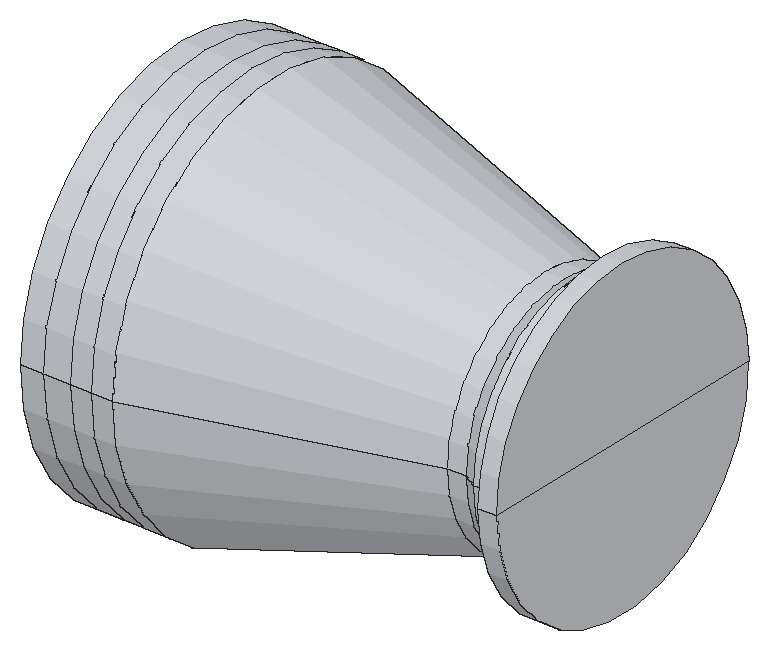
Revit family "bae14a10c338436eb6b7feba5fca812a", category Pipe Fittings, Revit 2021
Family settings
  Round Connector Dimension = Use Radius
  Part Type = Transition
  OmniClass Number = 23.60.30.11.14
  OmniClass Title = Pipework Fittings
  Work Plane-Based = No
  Always vertical = Yes
  Cut with Voids When Loaded = No
  Shared = No
Parameters (values of type "Standard")
  Visibility 2 [instance] = Nominal Diameter 2 > Nominal Diameter 1  # no
  Visibility 1 [instance] = Nominal Diameter 1 > Nominal Diameter 2  # yes
  URL = ""
  Type Comments = ""
  Tick Size 2 [instance] = if(Nominal Diameter 1 > Nominal Diameter 2, Min Tick Size 12, Max Tick Size 12)  # 7.7680"
  Tick Size 1 [instance] = if(Nominal Diameter 1 > Nominal Diameter 2, Max Tick Size 12, Min Tick Size 12)  # 12.8000"
  Min Tick Size 12 [instance] = Min Fitting Outside Diameter 12 * 0.4  # 7.7680"
  Max Tick Size 12 [instance] = Max Fitting Outside Diameter 12 * 0.4  # 12.8000"
  Socket Outside Radius 2 [instance] = Socket Outside Diameter 2 / 2  # 10.3350"
  Socket Outside Radius 1 [instance] = Socket Outside Diameter 1 / 2  # 16.0000"
  Socket Outside Diameter 2 [instance] = if(Nominal Diameter 1 > Nominal Diameter 2, Min Socket Outside Diameter 12, Fitting Outside Diameter 2)  # 20.6700"
  Socket Outside Diameter 1 [instance] = if(Nominal Diameter 1 > Nominal Diameter 2, Fitting Outside Diameter 1, Min Socket Outside Diameter 12)  # 32.0000"
  Socket Depth 2 [instance] = if(Nominal Diameter 2 < 14.0000", 2.5000", if(Nominal Diameter 2 < 30.0000", 3.5000", 4.0000"))  # 3.5000"
  Socket Depth 1 [instance] = if(Nominal Diameter 1 < 14.0000", 2.5000", if(Nominal Diameter 1 < 30.0000", 3.5000", 4.0000"))  # 4.0000"
  Min Socket Outside Diameter 12 [instance] = size_lookup(Lookup Table Name, "SOD", 1.1 * Min Nominal Diameter 12 + 0.8700", Min Nominal Diameter 12)  # 20.6700"
  Max Socket Outside Diameter 12 [instance] = size_lookup(Lookup Table Name, "SOD", 1.04 * Max Nominal Diameter 12 + 0.1300", Max Nominal Diameter 12)  # 33.5000"
  Nominal Radius 2 [instance] = 9.0000"
  Nominal Radius 1 [instance] = 15.0000"
  Nominal Diameter 2 [instance] = Nominal Radius 2 * 2  # 18.0000"
  Nominal Diameter 1 [instance] = Nominal Radius 1 * 2  # 30.0000"
  Min Nominal Diameter 12 [instance] = if(Nominal Diameter 1 > Nominal Diameter 2, Nominal Diameter 2, Nominal Diameter 1)  # 18.0000"
  Max Nominal Diameter 12 [instance] = if(Nominal Diameter 1 > Nominal Diameter 2, Nominal Diameter 1, Nominal Diameter 2)  # 30.0000"
  Manufacturer = ""
  Loss Method = K Coefficient from Table
  Lookup Table Name = "Reducer - PE x MJ - DI - Class 250"
  Length [instance] = size_lookup(Lookup Table Name, "Lgt", 2 * Max Nominal Diameter 12 + Socket Depth 1 - Socket Depth 2, Max Nominal Diameter 12, Min Nominal Diameter 12)  # 34.8700"
  K Coefficient Table = "Reducer/Coupling/Union/Increaser"
  Fitting Outside Radius 2 [instance] = Fitting Outside Diameter 2 / 2  # 9.7100"
  Fitting Outside Radius 1 [instance] = Fitting Outside Diameter 1 / 2  # 16.0000"
  Min Fitting Outside Diameter 12 [instance] = size_lookup(Lookup Table Name, "FOD", 1.04 * Min Nominal Diameter 12 + 0.7000", Min Nominal Diameter 12)  # 19.4200"
  Max Fitting Outside Diameter 12 [instance] = size_lookup(Lookup Table Name, "FOD", 1.04 * Max Nominal Diameter 12 + 0.7000", Max Nominal Diameter 12)  # 32.0000"
  built-in parameter 1114238 [instance] = (empty or 0)
  Fitting Outside Diameter 2 [instance] = if(Nominal Diameter 1 > Nominal Diameter 2, Min Fitting Outside Diameter 12, Max Fitting Outside Diameter 12)  # 19.4200"
  Fitting Outside Diameter 1 [instance] = if(Nominal Diameter 1 > Nominal Diameter 2, Max Fitting Outside Diameter 12, Min Fitting Outside Diameter 12)  # 32.0000"
  Description = ""
  Default Elevation = 0.0000"
  Bevel Length 2 [instance] = size_lookup(Lookup Table Name, "BvLgt", 0.04 * Nominal Diameter 2 + 0.4300", Nominal Diameter 2)  # 1.1500"
  Bevel Length 1 [instance] = size_lookup(Lookup Table Name, "BvLgt", 0.04 * Nominal Diameter 1 + 0.4300", Nominal Diameter 1)  # 1.5000"
  Gland Width 2 [instance] = size_lookup(Lookup Table Name, "GWid", 0.03 * Nominal Diameter 2 + 0.9400", Nominal Diameter 2)  # 1.4800"
  Gland Width 1 [instance] = size_lookup(Lookup Table Name, "GWid", 0.03 * Nominal Diameter 1 + 0.9400", Nominal Diameter 1)  # 1.8100"
  Gland Outside Radius 1 [instance] = Gland Outside Diameter 1 / 2  # 16.0000"
  Gland Outside Radius 2 [instance] = Gland Outside Diameter 2 / 2  # 12.4550"
  Max Gland Outside Diameter 12 [instance] = size_lookup(Lookup Table Name, "GOD", 1.16 * Max Nominal Diameter 12 + 4.0300", Max Nominal Diameter 12)  # 39.1200"
  Min Gland Outside Diameter 12 [instance] = size_lookup(Lookup Table Name, "GOD", 1.16 * Min Nominal Diameter 12 + 4.0300", Min Nominal Diameter 12)  # 24.9100"
  Gland Outside Diameter 2 [instance] = if(Nominal Diameter 1 > Nominal Diameter 2, Min Gland Outside Diameter 12, Fitting Outside Diameter 2)  # 24.9100"
  Gland Outside Diameter 1 [instance] = if(Nominal Diameter 1 > Nominal Diameter 2, Fitting Outside Diameter 1, Min Gland Outside Diameter 12)  # 32.0000"
  Assembly Code = ""
Reference planes (in)
  plane 1 "Center (Front/Back)": y = 0
  plane 2: z = 0
  plane 3 "Center (Left/Right)": x = 0
  plane 4 "Right": x = 34.87
  plane 5 "TK1 Top": y = 12.8
  plane 6 "TK1 Bottom": y = -12.8
  plane 7 "TK2 Top": y = 7.768
  plane 8 "TK2 Bottom": y = -7.768
  plane 9: y = 16
  plane 10: y = 16
  plane 11: x = 4
  plane 12: x = 5.5
  plane 13: y = 16
  plane 14 "SD2R": x = 31.37
  plane 15: x = 1.81
  plane 16: x = 33.39
  plane 17: x = 30.22
  plane 18: y = 9.71
  plane 19: y = 10.335
  plane 20: y = 12.455
  plane 21: x = 7.31
  plane 22: x = 28.74
Forms (in)
  Extrusion 1, solid, not visible
    sketch origin (0, 0, 0) x (0, 1, 0) y (0, 0, 1)
      loop
        circle (0, 0) r 1
    from 0 to 34.87
  Revolve 2, solid, detail levels fine
    sketch origin (0, 0, 0) x (1, 0, 0) y (0, 1, 0)
      loop
        line (1.81, 16) -> (1.81, 0) -> (33.39, 0) -> (33.39, 10.335) -> (31.37, 10.335) -> (30.22, 9.71) -> (28.74, 9.71) -> (7.31, 16) -> (5.55, 16) -> (4, 16) -> (1.81, 16)
      axis (1.81, 0) -> (33.39, 0)
    angle from 0 to 360
  Revolve 3, solid, detail levels fine
    sketch origin (0, 0, 0) x (1, 0, 0) y (0, 1, 0)
      loop
        line (0, 0) -> (1.81, 0) -> (1.81, 16) -> (0, 16) -> (0, 0)
      loop
        line (34.87, 0) -> (34.87, 12.455) -> (33.39, 12.455) -> (33.39, 0) -> (34.87, 0)
      axis (0, 0) -> (34.87, 0)
    angle from 0 to 360
Cuts and joins
  joined: Revolve 2, Revolve 3
Lines and regions (in)
  model lines, detail levels coarse+medium
    curve 1: line (0, 0, 0) -> (0, 12.8, 0)
    curve 2: line (0, -12.8, 0) -> (0, 0, 0)
    curve 3: line (34.87, 0, 0) -> (34.87, 7.768, 0)
    curve 4: line (34.87, 0, 0) -> (34.87, -7.768, 0)
  model lines, style "PipeFitting", visible <- "Visibility 1", detail levels coarse+medium
    curve 5: line (0, 12.8, 0) -> (34.87, 0, 0)
    curve 6: line (0, -12.8, 0) -> (34.87, 0, 0)
  model lines, style "PipeFitting", visible <- "Visibility 2", detail levels coarse+medium
    curve 7: line (34.87, 7.768, 0) -> (0, 0, 0)
    curve 8: line (0, 0, 0) -> (34.87, -7.768, 0)
Dimensions and locks (in)
  "Tick Size 1": plane 5 "TK1 Top" to plane 1 "Center (Front/Back)"
  "Tick Size 1": plane 6 "TK1 Bottom" to plane 1 "Center (Front/Back)"
  "Tick Size 2": plane 7 "TK2 Top" to plane 1 "Center (Front/Back)"
  "Tick Size 2": plane 8 "TK2 Bottom" to plane 1 "Center (Front/Back)"
  "Gland Outside Radius 1": plane 9 to plane 1 "Center (Front/Back)"
  "Socket Outside Radius 1": plane 1 "Center (Front/Back)" to plane 10
  "Fitting Outside Radius 1": plane 13 to plane 1 "Center (Front/Back)"
  "Length": plane 3 "Center (Left/Right)" to plane 4 "Right"
  "Socket Depth 2": plane 14 "SD2R" to plane 4 "Right"
  "Socket Depth 1": plane 3 "Center (Left/Right)" to plane 11
  "Gland Width 1": plane 3 "Center (Left/Right)" to plane 15
  "Gland Width 2": plane 16 to plane 4 "Right"
  "Bevel Length 1": plane 11 to plane 12
  "Bevel Length 2": plane 17 to plane 14 "SD2R"
  "Fitting Outside Radius 2": plane 18 to plane 1 "Center (Front/Back)"
  "Socket Outside Radius 2": plane 19 to plane 1 "Center (Front/Back)"
  "Gland Outside Radius 2": plane 20 to plane 1 "Center (Front/Back)"
  "Gland Width 1": plane 12 to plane 21
  "Gland Width 2": plane 22 to plane 17
  radius of Extrusion 1 sketch curve = 1.0000"
  aligned and locked: plane 2 to level
  aligned and locked: plane 2 to Extrusion 1 sketch curve
  aligned and locked: plane 1 "Center (Front/Back)" to Extrusion 1 sketch curve
  aligned and locked: Extrusion 1 to plane 3 "Center (Left/Right)"
  aligned and locked: plane 4 "Right" to Extrusion 1
  aligned and locked: plane 1 "Center (Front/Back)" to curve 2
  aligned and locked: plane 3 "Center (Left/Right)" to curve 1
  aligned and locked: plane 3 "Center (Left/Right)" to curve 2
  aligned and locked: plane 5 "TK1 Top" to curve 1
  aligned and locked: plane 6 "TK1 Bottom" to curve 2
  aligned and locked: curve 3 to plane 7 "TK2 Top"
  aligned and locked: curve 4 to plane 4 "Right"
  aligned and locked: plane 1 "Center (Front/Back)" to Revolve 2 sketch curve
  aligned and locked: Revolve 2 sketch curve to plane 10
  aligned and locked: plane 11 to Revolve 2 sketch curve
  aligned and locked: plane 14 "SD2R" to Revolve 2 sketch curve
  aligned and locked: Revolve 2 sketch curve to plane 19
  aligned and locked: Revolve 2 sketch curve to Revolve 2 sketch curve
  aligned and locked: plane 18 to Revolve 2 sketch curve
  aligned and locked: plane 22 to Revolve 2 sketch curve
  aligned and locked: Revolve 2 sketch curve to plane 13
  aligned and locked: Revolve 2 sketch curve to plane 21
  aligned and locked: Revolve 3 sketch curve to plane 15
  aligned and locked: Revolve 3 sketch curve to plane 9
  aligned and locked: Revolve 3 sketch curve to plane 20
  aligned and locked: plane 16 to Revolve 3 sketch curve
  aligned and locked: plane 4 "Right" to Revolve 3 sketch curve
  aligned and locked: Revolve 3 sketch curve to Revolve 3 sketch curve  (x2)
  aligned and locked: plane 3 "Center (Left/Right)" to Revolve 3 sketch curve
  aligned and locked: plane 15 to Revolve 2 sketch curve
  aligned and locked: plane 16 to Revolve 2 sketch curve
Automatic sketch dimensions
  plane 8 "TK2 Bottom" to curve 8 = 0.0000"
  plane 1 "Center (Front/Back)" to curve 4 = 0.0000"
  plane 1 "Center (Front/Back)" to Revolve 3 sketch curve = 0.0000"
  Revolve 3 sketch curve to plane 3 "Center (Left/Right)" = 9.7500"
  Revolve 3 sketch curve to Revolve 3 sketch curve = 7.2500"
  Revolve 2 sketch curve to plane 17 = 0.0000"
  Revolve 2 sketch curve to plane 3 "Center (Left/Right)" = 9.7500"
  Revolve 2 sketch curve to plane 12 = 0.0500"
  Revolve 2 sketch curve to Revolve 2 sketch curve = 8.3100"
Connectors (in)
  piping at (0, 0, 0), diameter 30, driven by "Nominal Radius 1"
    settings: on Extrusion 1, index 1, connector inside diameter 30.0000", connector length 0.0000", flow factor 0, pipe flow 0 GPM, pressure drop 0.00 psi, fitting loss kfactor 0, connector angle 0.00°, fixture units 0, engagement length 0.0000", angle of deflection 0.00°, flow configuration 0, flow direction 0, fitting loss method 0, system type 28, joint type 0, gender type 0, connector reference index 2, connector utility 0, adjustable connector no, is connector primary yes, connector description ""
  piping at (34.87, 0, 0), diameter 18, driven by "Nominal Radius 2"
    settings: on Extrusion 1, index 2, connector inside diameter 18.0000", connector length 0.0000", flow factor 0, pipe flow 0 GPM, pressure drop 0.00 psi, fitting loss kfactor 0, connector angle 0.00°, fixture units 0, engagement length 0.0000", angle of deflection 0.00°, flow configuration 0, flow direction 0, fitting loss method 0, system type 28, joint type 0, gender type 0, connector reference index 1, connector utility 0, adjustable connector no, is connector primary no, connector description ""
